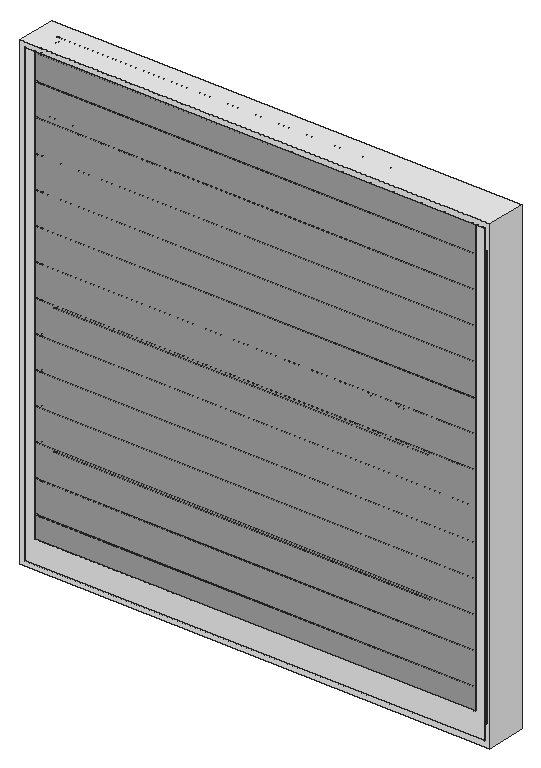
Revit family
Parameters (values of type "Louver_Drnable_EFD-435_All-Lite")
  URL = "http://www.alllite-louvers.com"
  Specifications = "http://www.alllite-louvers.com/catalog/AEFD-435-csi-specification.doc"
  Spacing = 0.292 ft
  SmartBIM Object Version = 3  # constant formula
  SmartBIM Object Created By = "Reed Construction Data"  # constant formula
  Shim Thickness = 0.042 ft
  Screen Width = Width - (2 * Shim Thickness) - 2 * 0.083333 ft  # 3.749333 ft
  Screen Height = Height - (2 * Shim Thickness) - 2 * 0.098958 ft  # 3.718083 ft
  Screen = Aluminum
  Rough Width = 0.0 ft
  Rough Height = 0.0 ft
  Product URL = "http://www.alllite-louvers.com/catalog.php?model=EFD-435"
  Pressure Loss (in.wg.) = "0.12"  # constant formula
  OmniClass Title = "Exterior Louvers and Grilles"  # constant formula
  OmniClass Code = "23-60 11 17"  # constant formula
  Model Number = "EFD-435"  # constant formula
  Model = ""
  Minimum Size = "4.5\" x  6.5\""
  Maximum Size - Single Section = "60\" x 120\" or 120\" x 60\""
  Maximum Size - Multiple Section = "Unlimited"
  Manufacturer = "All-Lite"  # constant formula
  Louver Width = Width - (2 * Shim Thickness) - 2 * 0.072917 ft  # 3.770167 ft
  Louver = Mill finish, 6063-T5 Extruded Aluminum
  Installation = "http://www.alllite-louvers.com/catalog/Installation.pdf"
  Height = 4.0 ft
  Free Area for 48”x48” Louver = "58.1%"
  Free Area Velocity (fpm) = "966"  # constant formula
  Free Area (ft²) for 48"x48" Louver = 9.3 ft
  Frame = Mill finish, 6063-T5 Extruded Aluminum
  Default Sill Height = 3.0 ft
  Wall Closure = (empty or 0)
  Width = 4.0 ft
  Cut Sheet = "http://www.alllite-louvers.com/catalog/AEFD435.pdf "
  Assembly Code = "B2010300"
  Air Volume Delivered (cfm) = "8,984"  # constant formula
  95 CSI = "10200 "  # constant formula
  04 CSI = "08 91 00"  # constant formula
  # of Louvers = (Height - 0.25 ft) / (Spacing)  # 13
Reference planes (ft)
  plane 1 "Center (Front/Back)": y = 0
  plane 2: z = 0.291667
  plane 3 "Center (Left/Right)": x = 0
  plane 4 "Left": x = -2
  plane 5 "Right": x = 2
  plane 6 "Sill": z = 3.291667
  plane 7 "Top": z = 7.291667
  plane 8: x = -1.958
  plane 9: x = 1.958
  plane 10: z = 7.249667
  plane 11: z = 3.333667
  plane 12: z = 5.291667
  plane 13: z = 3.417
  plane 14: z = 3.458667
  plane 15: z = 7.166333
  plane 16: z = 7.124667
  plane 17: z = 7.062167
Forms (ft)
  Sweep 1, solid, material "Mill finish, 6063-T5 Extruded Aluminum" <- "Frame"
    path origin (-5, 0.333333, 0) x (-1, 0, 0) y (0, 0, 1)
      loop
        line (-6.885083, 7.249667) -> (-3.114917, 7.249667)
    profile "Head Horizontal Mullion : Head Horizontal Mullion" origin (0, 0.333333, 7.249667) x (0, 0, 1) y (0, 1, 0)
      loop
        arc (-0.010125, -0.00675) -> (-0.007739, -0.007739) -> (-0.00675, -0.010125) r 0.003375
        line (-0.00675, -0.010125) -> (-0.00675, -0.064875)
        arc (-0.00675, -0.064875) -> (-0.007739, -0.067261) -> (-0.010125, -0.06825) r 0.003375
        line (-0.010125, -0.06825) -> (-0.027583, -0.06825) -> (-0.027583, -0.075) -> (-0.299481, -0.075) -> (-0.299481, -0.00675) -> (-0.222898, -0.00675) -> (-0.222898, 0) -> (-0.306231, 0) -> (-0.306231, -0.08175) -> (-0.198361, -0.08175)
        arc (-0.198361, -0.08175) -> (-0.195975, -0.082739) -> (-0.194986, -0.085125) r 0.003375
        line (-0.194986, -0.085125) -> (-0.194986, -0.097504)
        arc (-0.194986, -0.097504) -> (-0.195545, -0.099365) -> (-0.197037, -0.100609) r 0.003375
        arc (-0.197037, -0.100609) -> (-0.205217, -0.110837) -> (-0.201201, -0.123303) r 0.013833
        arc (-0.201201, -0.123303) -> (-0.197539, -0.123976) -> (-0.195486, -0.120871) r 0.003375
        arc (-0.195486, -0.120871) -> (-0.195756, -0.119549) -> (-0.196522, -0.118438) r 0.003375
        arc (-0.196522, -0.118438) -> (-0.191611, -0.10625) -> (-0.186701, -0.118438) r 0.007083
        arc (-0.186701, -0.118438) -> (-0.187467, -0.119549) -> (-0.187736, -0.120871) r 0.003375
        arc (-0.187736, -0.120871) -> (-0.185683, -0.123976) -> (-0.182022, -0.123303) r 0.003375
        arc (-0.182022, -0.123303) -> (-0.178005, -0.110837) -> (-0.186185, -0.100609) r 0.013833
        arc (-0.186185, -0.100609) -> (-0.187677, -0.099365) -> (-0.188236, -0.097504) r 0.003375
        line (-0.188236, -0.097504) -> (-0.188236, -0.085125)
        arc (-0.188236, -0.085125) -> (-0.187248, -0.082739) -> (-0.184861, -0.08175) r 0.003375
        line (-0.184861, -0.08175) -> (-0.06925, -0.08175) -> (-0.06925, -0.0885) -> (-0.046442, -0.0885)
        arc (-0.046442, -0.0885) -> (-0.044055, -0.089489) -> (-0.043067, -0.091875) r 0.003375
        line (-0.043067, -0.091875) -> (-0.043067, -0.097504)
        arc (-0.043067, -0.097504) -> (-0.043626, -0.099365) -> (-0.045118, -0.100609) r 0.003375
        arc (-0.045118, -0.100609) -> (-0.053298, -0.110837) -> (-0.049281, -0.123303) r 0.013833
        arc (-0.049281, -0.123303) -> (-0.04562, -0.123976) -> (-0.043567, -0.120871) r 0.003375
        arc (-0.043567, -0.120871) -> (-0.043836, -0.119549) -> (-0.044602, -0.118438) r 0.003375
        arc (-0.044602, -0.118438) -> (-0.039692, -0.10625) -> (-0.034781, -0.118438) r 0.007083
        arc (-0.034781, -0.118438) -> (-0.035547, -0.119549) -> (-0.035817, -0.120871) r 0.003375
        arc (-0.035817, -0.120871) -> (-0.033763, -0.123976) -> (-0.030102, -0.123303) r 0.003375
        arc (-0.030102, -0.123303) -> (-0.026085, -0.110837) -> (-0.034266, -0.100609) r 0.013833
        arc (-0.034266, -0.100609) -> (-0.035758, -0.099365) -> (-0.036317, -0.097504) r 0.003375
        line (-0.036317, -0.097504) -> (-0.036317, -0.091875)
        arc (-0.036317, -0.091875) -> (-0.035328, -0.089489) -> (-0.032942, -0.0885) r 0.003375
        line (-0.032942, -0.0885) -> (-0.010125, -0.0885)
        arc (-0.010125, -0.0885) -> (-0.007739, -0.089489) -> (-0.00675, -0.091875) r 0.003375
        line (-0.00675, -0.091875) -> (-0.00675, -0.2678)
        arc (-0.00675, -0.2678) -> (-0.007739, -0.270187) -> (-0.010125, -0.271175) r 0.003375
        line (-0.010125, -0.271175) -> (-0.023858, -0.271175)
        arc (-0.023858, -0.271175) -> (-0.025719, -0.270616) -> (-0.026963, -0.269124) r 0.003375
        arc (-0.026963, -0.269124) -> (-0.037191, -0.260944) -> (-0.049657, -0.26496) r 0.013833
        arc (-0.049657, -0.26496) -> (-0.05033, -0.268622) -> (-0.047225, -0.270675) r 0.003375
        arc (-0.047225, -0.270675) -> (-0.045903, -0.270406) -> (-0.044793, -0.26964) r 0.003375
        arc (-0.044793, -0.26964) -> (-0.032604, -0.27455) -> (-0.044793, -0.27946) r 0.007083
        arc (-0.044793, -0.27946) -> (-0.045903, -0.278695) -> (-0.047225, -0.278425) r 0.003375
        arc (-0.047225, -0.278425) -> (-0.05033, -0.280478) -> (-0.049657, -0.28414) r 0.003375
        arc (-0.049657, -0.28414) -> (-0.037191, -0.288156) -> (-0.026963, -0.279976) r 0.013833
        arc (-0.026963, -0.279976) -> (-0.025719, -0.278484) -> (-0.023858, -0.277925) r 0.003375
        line (-0.023858, -0.277925) -> (-0.010125, -0.277925)
        arc (-0.010125, -0.277925) -> (-0.007739, -0.278914) -> (-0.00675, -0.2813) r 0.003375
        line (-0.00675, -0.2813) -> (-0.00675, -0.315708)
        arc (-0.00675, -0.315708) -> (-0.007739, -0.318095) -> (-0.010125, -0.319083) r 0.003375
        line (-0.010125, -0.319083) -> (-0.0625, -0.319083) -> (-0.0625, -0.325833) -> (0, -0.325833) -> (0, 0) -> (-0.080537, 0)
        arc (-0.080537, 0) -> (-0.083121, -0.000514) -> (-0.08531, -0.001977) r 0.00675
        line (-0.08531, -0.001977) -> (-0.142259, -0.058926) -> (-0.137486, -0.063699) -> (-0.081526, -0.007739)
        arc (-0.081526, -0.007739) -> (-0.080431, -0.007007) -> (-0.079139, -0.00675) r 0.003375
        line (-0.079139, -0.00675) -> (-0.010125, -0.00675)
  Sweep 2, solid, material "Mill finish, 6063-T5 Extruded Aluminum" <- "Frame"
    path origin (-5, 0.333333, 0) x (-1, 0, 0) y (0, 0, 1)
      loop
        line (-6.958, 3.333667) -> (-3.042, 3.333667)
    profile "Horizontal Mullion : Horizontal Mullion" origin (0, 0.333333, 3.333667) x (0, 0, 1) y (0, 1, 0)
      loop
        line (0.076583, -0.00675) -> (0.076583, -0.326583) -> (0.00675, -0.326583) -> (0.00675, -0.291667) -> (0, -0.291667) -> (0, -0.333333) -> (0.197917, -0.333333) -> (0.197917, -0.326583) -> (0.083333, -0.326583) -> (0.083333, 0) -> (0, 0) -> (0, -0.041667) -> (0.00675, -0.041667) -> (0.00675, -0.00675) -> (0.076583, -0.00675)
  Sweep 3, solid, material "Mill finish, 6063-T5 Extruded Aluminum" <- "Frame"
    path origin (-5, 0.333333, 0) x (-1, 0, 0) y (0, 0, 1)
      loop
        line (-6.958, 3.417) -> (-6.958, 7.249667)
    profile "Vertical Mullion : Vertical Mullion" origin (1.958, 0.333333, 5.333333) x (1, 0, 0) y (0, 1, 0)
      loop
        arc (-0.053884, -0.109773) -> (-0.049763, -0.109932) -> (-0.049603, -0.105811) r 0.002917
        arc (-0.049603, -0.105811) -> (-0.05391, -0.102748) -> (-0.059083, -0.101667) r 0.012917
        arc (-0.059083, -0.101667) -> (-0.061499, -0.100666) -> (-0.0625, -0.09825) r 0.003417
        line (-0.0625, -0.09825) -> (-0.0625, -0.010417) -> (-0.010417, -0.010417) -> (-0.010417, -0.027583) -> (0, -0.027583) -> (0, 0) -> (-0.072917, 0) -> (-0.072917, -0.251583) -> (-0.057038, -0.251583)
        arc (-0.057038, -0.251583) -> (-0.054036, -0.252585) -> (-0.052237, -0.255188) r 0.005
        arc (-0.052237, -0.255188) -> (-0.039833, -0.2645) -> (-0.02743, -0.255188) r 0.012917
        arc (-0.02743, -0.255188) -> (-0.02563, -0.252585) -> (-0.022628, -0.251583) r 0.005
        line (-0.022628, -0.251583) -> (-0.010417, -0.251583) -> (-0.010417, -0.322917) -> (-0.066167, -0.322917) -> (-0.066167, -0.310958) -> (-0.072917, -0.310958) -> (-0.072917, -0.326583) -> (-0.083333, -0.326583) -> (-0.083333, -0.333333) -> (0, -0.333333) -> (0, -0.241167) -> (-0.032007, -0.241167)
        arc (-0.032007, -0.241167) -> (-0.035126, -0.243188) -> (-0.034554, -0.246861) r 0.003417
        arc (-0.034554, -0.246861) -> (-0.039833, -0.258667) -> (-0.045113, -0.246861) r 0.007083
        arc (-0.045113, -0.246861) -> (-0.044541, -0.243188) -> (-0.04766, -0.241167) r 0.003417
        line (-0.04766, -0.241167) -> (-0.0625, -0.241167) -> (-0.0625, -0.130917)
        arc (-0.0625, -0.130917) -> (-0.061499, -0.128501) -> (-0.059083, -0.1275) r 0.003417
        arc (-0.059083, -0.1275) -> (-0.05391, -0.126419) -> (-0.049603, -0.123356) r 0.012917
        arc (-0.049603, -0.123356) -> (-0.049763, -0.119234) -> (-0.053884, -0.119394) r 0.002917
        arc (-0.053884, -0.119394) -> (-0.066167, -0.114583) -> (-0.053884, -0.109773) r 0.007083
  Sweep 4, solid, material "Mill finish, 6063-T5 Extruded Aluminum" <- "Frame"
    path origin (5, 0.333333, 0) x (1, 0, 0) y (0, 0, -1)
      loop
        line (-6.958, -3.417) -> (-6.958, -7.249667)
    profile "Vertical Mullion : Vertical Mullion" origin (-1.958, 0.333333, 5.333333) x (1, 0, 0) y (0, 1, 0)
      loop
        arc (0.053884, -0.109773) -> (0.066167, -0.114583) -> (0.053884, -0.119394) r 0.007083
        arc (0.053884, -0.119394) -> (0.049763, -0.119234) -> (0.049603, -0.123356) r 0.002917
        arc (0.049603, -0.123356) -> (0.05391, -0.126419) -> (0.059083, -0.1275) r 0.012917
        arc (0.059083, -0.1275) -> (0.061499, -0.128501) -> (0.0625, -0.130917) r 0.003417
        line (0.0625, -0.130917) -> (0.0625, -0.241167) -> (0.04766, -0.241167)
        arc (0.04766, -0.241167) -> (0.044541, -0.243188) -> (0.045113, -0.246861) r 0.003417
        arc (0.045113, -0.246861) -> (0.039833, -0.258667) -> (0.034554, -0.246861) r 0.007083
        arc (0.034554, -0.246861) -> (0.035126, -0.243188) -> (0.032007, -0.241167) r 0.003417
        line (0.032007, -0.241167) -> (0, -0.241167) -> (0, -0.333333) -> (0.083333, -0.333333) -> (0.083333, -0.326583) -> (0.072917, -0.326583) -> (0.072917, -0.310958) -> (0.066167, -0.310958) -> (0.066167, -0.322917) -> (0.010417, -0.322917) -> (0.010417, -0.251583) -> (0.022628, -0.251583)
        arc (0.022628, -0.251583) -> (0.02563, -0.252585) -> (0.02743, -0.255188) r 0.005
        arc (0.02743, -0.255188) -> (0.039833, -0.2645) -> (0.052237, -0.255188) r 0.012917
        arc (0.052237, -0.255188) -> (0.054036, -0.252585) -> (0.057038, -0.251583) r 0.005
        line (0.057038, -0.251583) -> (0.072917, -0.251583) -> (0.072917, 0) -> (0, 0) -> (0, -0.027583) -> (0.010417, -0.027583) -> (0.010417, -0.010417) -> (0.0625, -0.010417) -> (0.0625, -0.09825)
        arc (0.0625, -0.09825) -> (0.061499, -0.100666) -> (0.059083, -0.101667) r 0.003417
        arc (0.059083, -0.101667) -> (0.05391, -0.102748) -> (0.049603, -0.105811) r 0.012917
        arc (0.049603, -0.105811) -> (0.049763, -0.109932) -> (0.053884, -0.109773) r 0.002917
  Sweep 5, solid, material "Mill finish, 6063-T5 Extruded Aluminum" <- "Frame"
    path origin (-5, 0.333333, 0) x (-1, 0, 0) y (0, 0, 1)
      loop
        line (-3, 7.291667) -> (-7, 7.291667) -> (-7, 3.291667) -> (-3, 3.291667) -> (-3, 7.291667)
    profile origin (-2, 0.333333, 5.291667) x (0, 1, 0) y (-1, 0, 0)
      loop
        line (0, 0) -> (-0.333333, 0) -> (-0.333333, -0.042) -> (0, -0.042) -> (0, 0)
  Extrusion 6, solid, material "Aluminum" <- "Screen"
    sketch origin (1.885083, 0.0075, 7.249667) x (-1, 0, 0) y (0, 0, -1)
      loop
        line (3.75975, 0) -> (3.75975, 3.718083) -> (0.010417, 3.718083) -> (0.010417, 0) -> (3.75975, 0)
    from 0.00075 to 0.0075
Cuts and joins
  joined: Sweep 2, Sweep 3, Sweep 4
Lines and regions (ft)
  Opening 1
    outline origin (-5, -0.333333, 0) x (1, 0, 0) y (0, 0, 1)
      loop
        line (3, 7.291667) -> (3, 3.291667) -> (7, 3.291667) -> (7, 7.291667) -> (3, 7.291667)
  Masking region 1, detail levels coarse+medium
    outline origin (0, 0, 0) x (1, 0, 0) y (0, 1, 0)
      loop
        line (-2, 0) -> (-1.885083, 0) -> (-1.885083, 0.333333) -> (-2, 0.333333) -> (-2, 0)
  Masking region 2, detail levels fine
    outline origin (0, 0, 0) x (1, 0, 0) y (0, 1, 0)
      loop
        arc (-1.905763, 0.078145) -> (-1.903964, 0.080749) -> (-1.900962, 0.08175) r 0.005
        line (-1.900962, 0.08175) -> (-1.885083, 0.08175) -> (-1.885083, 0.333333) -> (-1.958, 0.333333) -> (-1.958, 0.30575) -> (-1.947583, 0.30575) -> (-1.947583, 0.322917) -> (-1.8955, 0.322917) -> (-1.8955, 0.235083)
        arc (-1.8955, 0.235083) -> (-1.896501, 0.232667) -> (-1.898917, 0.231667) r 0.003417
        arc (-1.898917, 0.231667) -> (-1.90409, 0.230585) -> (-1.908397, 0.227523) r 0.012917
        arc (-1.908397, 0.227523) -> (-1.908237, 0.223401) -> (-1.904116, 0.223561) r 0.002917
        arc (-1.904116, 0.223561) -> (-1.891833, 0.21875) -> (-1.904116, 0.213939) r 0.007083
        arc (-1.904116, 0.213939) -> (-1.908237, 0.214099) -> (-1.908397, 0.209977) r 0.002917
        arc (-1.908397, 0.209977) -> (-1.90409, 0.206915) -> (-1.898917, 0.205833) r 0.012917
        arc (-1.898917, 0.205833) -> (-1.896501, 0.204833) -> (-1.8955, 0.202417) r 0.003417
        line (-1.8955, 0.202417) -> (-1.8955, 0.092167) -> (-1.91034, 0.092167)
        arc (-1.91034, 0.092167) -> (-1.913459, 0.090145) -> (-1.912887, 0.086472) r 0.003417
        arc (-1.912887, 0.086472) -> (-1.918167, 0.074667) -> (-1.923446, 0.086472) r 0.007083
        arc (-1.923446, 0.086472) -> (-1.922874, 0.090145) -> (-1.925993, 0.092167) r 0.003417
        line (-1.925993, 0.092167) -> (-1.958, 0.092167) -> (-1.958, 0) -> (-1.874667, 0) -> (-1.874667, 0.00675) -> (-1.885083, 0.00675) -> (-1.885083, 0.022375) -> (-1.891833, 0.022375) -> (-1.891833, 0.010417) -> (-1.947583, 0.010417) -> (-1.947583, 0.08175) -> (-1.935372, 0.08175)
        arc (-1.935372, 0.08175) -> (-1.93237, 0.080749) -> (-1.93057, 0.078145) r 0.005
        arc (-1.93057, 0.078145) -> (-1.918167, 0.068833) -> (-1.905763, 0.078145) r 0.012917
  Masking region 3, detail levels coarse+medium
    outline origin (0, 0, 0) x (1, 0, 0) y (0, 1, 0)
      loop
        line (1.885083, 0) -> (2, 0) -> (2, 0.333333) -> (1.885083, 0.333333) -> (1.885083, 0)
  Masking region 4, detail levels fine
    outline origin (0, 0, 0) x (1, 0, 0) y (0, 1, 0)
      loop
        line (1.8955, 0.235083) -> (1.8955, 0.322917) -> (1.947583, 0.322917) -> (1.947583, 0.30575) -> (1.958, 0.30575) -> (1.958, 0.333333) -> (1.885083, 0.333333) -> (1.885083, 0.08175) -> (1.900962, 0.08175)
        arc (1.900962, 0.08175) -> (1.903964, 0.080749) -> (1.905763, 0.078145) r 0.005
        arc (1.905763, 0.078145) -> (1.918167, 0.068833) -> (1.93057, 0.078145) r 0.012917
        arc (1.93057, 0.078145) -> (1.93237, 0.080749) -> (1.935372, 0.08175) r 0.005
        line (1.935372, 0.08175) -> (1.947583, 0.08175) -> (1.947583, 0.010417) -> (1.891833, 0.010417) -> (1.891833, 0.022375) -> (1.885083, 0.022375) -> (1.885083, 0.00675) -> (1.874667, 0.00675) -> (1.874667, 0) -> (1.958, 0) -> (1.958, 0.092167) -> (1.925993, 0.092167)
        arc (1.925993, 0.092167) -> (1.922874, 0.090145) -> (1.923446, 0.086472) r 0.003417
        arc (1.923446, 0.086472) -> (1.918167, 0.074667) -> (1.912887, 0.086472) r 0.007083
        arc (1.912887, 0.086472) -> (1.913459, 0.090145) -> (1.91034, 0.092167) r 0.003417
        line (1.91034, 0.092167) -> (1.8955, 0.092167) -> (1.8955, 0.202417)
        arc (1.8955, 0.202417) -> (1.896501, 0.204833) -> (1.898917, 0.205833) r 0.003417
        arc (1.898917, 0.205833) -> (1.90409, 0.206915) -> (1.908397, 0.209977) r 0.012917
        arc (1.908397, 0.209977) -> (1.908237, 0.214099) -> (1.904116, 0.213939) r 0.002917
        arc (1.904116, 0.213939) -> (1.891833, 0.21875) -> (1.904116, 0.223561) r 0.007083
        arc (1.904116, 0.223561) -> (1.908237, 0.223401) -> (1.908397, 0.227523) r 0.002917
        arc (1.908397, 0.227523) -> (1.90409, 0.230585) -> (1.898917, 0.231667) r 0.012917
        arc (1.898917, 0.231667) -> (1.896501, 0.232667) -> (1.8955, 0.235083) r 0.003417
Text (ft)
  text "EXTERIOR" at (-4.890733, 4.242245, 0), in view "Ref. Level"
  text "INTERIOR" at (-4.890733, -3.147199, 0), in view "Ref. Level"
  text "Exterior" at (0, 3.638026, 10.266337), in view "Left"
  text "Exterior" at (0, 1.524487, 10.420622), in view "Right"
Dimensions and locks (ft)
  equal spacing: plane 4 "Left", plane 3 "Center (Left/Right)", plane 5 "Right"
  "Width": plane 4 "Left" to plane 5 "Right"
  "Height": plane 6 "Sill" to plane 7 "Top"
  "Default Sill Height": plane 2 to plane 6 "Sill"
  "Shim Thickness": plane 4 "Left" to plane 8
  "Shim Thickness": plane 9 to plane 5 "Right"
  "Shim Thickness": plane 10 to plane 7 "Top"
  "Shim Thickness": plane 6 "Sill" to plane 11
  equal spacing: plane 11, plane 12, plane 10
  locked: plane 13 to plane 11 at 0.083333
  locked: plane 14 to plane 13 at 0.041667
  locked: plane 10 to plane 15 at 0.083333
  locked: plane 15 to plane 16 at 0.041667
  locked: plane 10 to plane 17 at 0.1875
  equal spacing: group 1, group 3, group 4, group 5, group 6, group 7, group 8, group 9, group 10, group 11, group 12, group 13, group 2  (x3)
  aligned and locked: plane 7 "Top" to Opening 1 sketch curve
  aligned and locked: plane 6 "Sill" to Opening 1 sketch curve  (x2)
  aligned and locked: plane 5 "Right" to Opening 1 sketch curve
  aligned and locked: plane 4 "Left" to Opening 1 sketch curve
  aligned and locked: plane 10 to Sweep 1 sketch curve
  aligned and locked: Sweep 2 sketch curve to plane 11
  aligned and locked: plane 9 to Sweep 2 sketch curve
  aligned and locked: plane 8 to Sweep 2 sketch curve
  aligned and locked: plane 9 to Sweep 3 sketch curve
  aligned and locked: Sweep 4 sketch curve to plane 8
  aligned and locked: Sweep 5 sketch curve to plane 4 "Left"
  aligned and locked: Sweep 5 sketch curve to plane 7 "Top"
  aligned and locked: Sweep 5 sketch curve to plane 6 "Sill"
  aligned and locked: Sweep 5 sketch curve to plane 5 "Right"
  aligned and locked: Sweep 5 sketch curve to host wall  (x2)
  aligned and locked: plane 8 to Sweep 5 sketch curve
  aligned and locked: cut or joined group of Sweep 2, Sweep 3, Sweep 4 to Sweep 1 sketch curve
  aligned and locked: plane 13 to nested 1
  aligned and locked: nested 1 to Sweep 1
  aligned and locked: plane 3 "Center (Left/Right)" to nested 1
  aligned and locked: plane 10 to Sweep 4 sketch curve
  aligned and locked: plane 17 to nested 2
  aligned and locked: nested 2 to host wall
  aligned and locked: plane 3 "Center (Left/Right)" to nested 2
  aligned and locked: profile plane to host wall
  aligned and locked: Sweep 5 sketch curve to cut or joined group of Sweep 2, Sweep 3, Sweep 4
  aligned and locked: Extrusion 6 sketch curve to cut or joined group of Sweep 2, Sweep 3, Sweep 4  (x2)
  aligned and locked: cut or joined group of Sweep 2, Sweep 3, Sweep 4 to Extrusion 6 sketch curve
  aligned and locked: Extrusion 6 sketch curve to plane 10
  aligned and locked: Extrusion 6 to cut or joined group of Sweep 2, Sweep 3, Sweep 4
  aligned and locked: Sweep 5 to Extrusion 6
  aligned and locked: Masking region 1 sketch curve to plane 4 "Left"
  aligned and locked: Sweep 5 to Masking region 1 sketch curve
  aligned and locked: Masking region 1 sketch curve to nested 3
  aligned and locked: Masking region 2 sketch curve to cut or joined group of Sweep 2, Sweep 3, Sweep 4  (x23)
  aligned and locked: Masking region 2 sketch curve to Extrusion 6
  aligned and locked: cut or joined group of Sweep 2, Sweep 3, Sweep 4 to Masking region 2 sketch curve
  aligned and locked: nested 3 to Masking region 2 sketch curve  (x2)
  aligned and locked: Masking region 2 sketch curve to plane 8  (x2)
  aligned and locked: Sweep 5 to Masking region 2 sketch curve  (x2)
  aligned and locked: Masking region 3 sketch curve to plane 5 "Right"
  aligned and locked: Masking region 3 sketch curve to Sweep 5
  aligned and locked: Masking region 3 sketch curve to nested 3
  aligned and locked: Masking region 4 sketch curve to cut or joined group of Sweep 2, Sweep 3, Sweep 4  (x23)
  aligned and locked: plane 9 to Masking region 4 sketch curve  (x2)
  aligned and locked: Sweep 5 to Masking region 4 sketch curve  (x2)
  aligned and locked: nested 3 to Masking region 4 sketch curve  (x2)
  aligned and locked: Masking region 4 sketch curve to Extrusion 6
  aligned and locked: cut or joined group of Sweep 2, Sweep 3, Sweep 4 to Masking region 4 sketch curve
  aligned and locked: Sweep 5 to Masking region 3 sketch curve
  aligned and locked: Masking region 1 sketch curve to Sweep 5
Automatic sketch dimensions
  Sweep 3 sketch curve to plane 13 = 0.0 ft
  Sweep 3 sketch curve to plane 10 = 0.0 ft
  plane 8 to Sweep 1 sketch curve = 0.072917 ft
  Sweep 4 sketch curve to plane 13 = 0.0 ft
Nested families (ft)
  nested 1: "Louver Single" at (0, 0.252604, 3.417), type "Louver"
    with Louver Length 3.770167 ft
  nested 2: "Louver Single" at (0, 0.252604, 6.71848), type "Louver"
    with Louver Length 3.770167 ft
  nested 3: "Louver Single" at (0, 0.252604, 3.692123), type "Louver"
    with Louver Length 3.770167 ft
  nested 4: "Louver Single" at (0, 0.252604, 3.967247), type "Louver"
    with Louver Length 3.770167 ft
  nested 5: "Louver Single" at (0, 0.252604, 4.24237), type "Louver"
    with Louver Length 3.770167 ft
  nested 6: "Louver Single" at (0, 0.252604, 4.517493), type "Louver"
    with Louver Length 3.770167 ft
  nested 7: "Louver Single" at (0, 0.252604, 4.792616), type "Louver"
    with Louver Length 3.770167 ft
  nested 8: "Louver Single" at (0, 0.252604, 5.06774), type "Louver"
    with Louver Length 3.770167 ft
  nested 9: "Louver Single" at (0, 0.252604, 5.342863), type "Louver"
    with Louver Length 3.770167 ft
  nested 10: "Louver Single" at (0, 0.252604, 5.617986), type "Louver"
    with Louver Length 3.770167 ft
  nested 11: "Louver Single" at (0, 0.252604, 5.89311), type "Louver"
    with Louver Length 3.770167 ft
  nested 12: "Louver Single" at (0, 0.252604, 6.168233), type "Louver"
    with Louver Length 3.770167 ft
  nested 13: "Louver Single" at (0, 0.252604, 6.443356), type "Louver"
    with Louver Length 3.770167 ft
Connectors (ft)
  hvac at (0, 0, 5.390625), driven by "Screen Height", driven by "Screen Width"
    settings: on Extrusion 6, index 1
Definition of nested family "Louver Single"
  Parameters (values of type "Louver")
    Louver Length = 3.0625 ft
    Depth = 0.333333 ft
    Louver Single = yes
    Louver = All-Lite - El Cajon Silver
    Assembly Code = ""
  Reference planes (ft)
    plane 1 "Center (Front/Back)": y = -0.085938
    plane 2: z = 0
    plane 3 "Center (Left/Right)": x = 0
    plane 4: x = -1.53125
    plane 5: x = 1.53125
    plane 6: z = 0.388021
    plane 7: z = 0.19401
    plane 8: y = 0.080729
    plane 9: y = -0.252604
    plane 10: z = 0.041667
    plane 11: z = 0.343687
  Forms (ft)
    Extrusion 1, solid, material "All-Lite - El Cajon Silver" <- "Louver"
      sketch origin (0, 0.00675, -0.014763) x (0, 1, 0) y (0, 0, 1)
        loop
          arc (-0.037266, 0.139104) -> (-0.039761, 0.135819) -> (-0.036477, 0.133324) r 0.002917
          arc (-0.036477, 0.133324) -> (-0.030642, 0.135665) -> (-0.026604, 0.140483) r 0.012917
          arc (-0.026604, 0.140483) -> (-0.023903, 0.142697) -> (-0.020465, 0.142077) r 0.004167
          line (-0.020465, 0.142077) -> (-0.010676, 0.135222)
          arc (-0.010676, 0.135222) -> (-0.009386, 0.133056) -> (-0.008938, 0.130574) r 0.007083
          line (-0.008938, 0.130574) -> (-0.008883, 0.118964)
          arc (-0.008883, 0.118964) -> (-0.00651, 0.111163) -> (-0.001051, 0.105107) r 0.01875
          line (-0.001051, 0.105107) -> (0.063993, 0.058818)
          arc (0.063993, 0.058818) -> (0.070359, 0.057517) -> (0.073979, 0.062914) r 0.005833
          line (0.073979, 0.062914) -> (0.073979, 0.136872)
          arc (0.073979, 0.136872) -> (0.066586, 0.1416) -> (0.065396, 0.132906) r 0.005208
          arc (0.065396, 0.132906) -> (0.066749, 0.131124) -> (0.067229, 0.128939) r 0.005208
          line (0.067229, 0.128939) -> (0.067229, 0.072879)
          arc (0.067229, 0.072879) -> (0.064972, 0.069176) -> (0.060647, 0.069484) r 0.004167
          line (0.060647, 0.069484) -> (0.002862, 0.110607)
          arc (0.002862, 0.110607) -> (-0.000851, 0.114886) -> (-0.002188, 0.120391) r 0.012003
          line (-0.002188, 0.120391) -> (-0.002188, 0.130574)
          arc (-0.002188, 0.130574) -> (-0.00324, 0.135868) -> (-0.006239, 0.140356) r 0.013833
          line (-0.006239, 0.140356) -> (-0.167094, 0.252988)
          arc (-0.167094, 0.252988) -> (-0.168794, 0.255602) -> (-0.168203, 0.258664) r 0.004167
          arc (-0.168203, 0.258664) -> (-0.166572, 0.270166) -> (-0.174282, 0.278855) r 0.013833
          line (-0.174282, 0.278855) -> (-0.242605, 0.308689)
          arc (-0.242605, 0.308689) -> (-0.244424, 0.310226) -> (-0.245104, 0.312507) r 0.004167
          line (-0.245104, 0.312507) -> (-0.245104, 0.355079)
          arc (-0.245104, 0.355079) -> (-0.248479, 0.358454) -> (-0.251854, 0.355079) r 0.003375
          line (-0.251854, 0.355079) -> (-0.251854, 0.312507)
          arc (-0.251854, 0.312507) -> (-0.250072, 0.306529) -> (-0.245306, 0.302503) r 0.010917
          line (-0.245306, 0.302503) -> (-0.192409, 0.279405)
          arc (-0.192409, 0.279405) -> (-0.190081, 0.276769) -> (-0.190599, 0.273291) r 0.004167
          arc (-0.190599, 0.273291) -> (-0.192514, 0.268553) -> (-0.192442, 0.263443) r 0.012917
          arc (-0.192442, 0.263443) -> (-0.188974, 0.26121) -> (-0.186741, 0.264678) r 0.002917
          arc (-0.186741, 0.264678) -> (-0.175755, 0.27198) -> (-0.178859, 0.259159) r 0.007083
          arc (-0.178859, 0.259159) -> (-0.181305, 0.256931) -> (-0.180096, 0.253851) r 0.002917
          line (-0.180096, 0.253851) -> (-0.0481, 0.161427)
          arc (-0.0481, 0.161427) -> (-0.046342, 0.158409) -> (-0.047498, 0.155113) r 0.004167
          arc (-0.047498, 0.155113) -> (-0.050644, 0.149671) -> (-0.050849, 0.143387) r 0.012917
          arc (-0.050849, 0.143387) -> (-0.047381, 0.141154) -> (-0.045148, 0.144622) r 0.002917
          arc (-0.045148, 0.144622) -> (-0.034162, 0.151924) -> (-0.037266, 0.139104) r 0.007083
      from -1.53125 to 1.53125
  Dimensions and locks (ft)
    equal spacing: plane 4, plane 3 "Center (Left/Right)", plane 5
    "Louver Length": plane 4 to plane 5
    locked: level to plane 6 at 0.388021
    equal spacing: level, plane 7, plane 6
    "Depth": plane 8 to plane 9
    equal spacing: plane 8, plane 1 "Center (Front/Back)", plane 9
    plane 6 to plane 11 = 0.044334 ft
    aligned and locked: Extrusion 1 to plane 4
    aligned and locked: plane 5 to Extrusion 1
  Automatic sketch dimensions
    Extrusion 1 sketch curve to Extrusion 1 sketch curve = 0.0 ft  (x28)
    Extrusion 1 sketch curve to plane 8 = 0.0 ft
    Extrusion 1 sketch curve to Extrusion 1 sketch curve = 0.005208 ft
    Extrusion 1 sketch curve to Extrusion 1 sketch curve = 0.005833 ft
    plane 8 to Extrusion 1 sketch curve = 0.00675 ft
    Extrusion 1 sketch curve to Extrusion 1 sketch curve = 0.001833 ft
    Extrusion 1 sketch curve to plane 10 = 0.002388 ft
    Extrusion 1 sketch curve to Extrusion 1 sketch curve = 0.004153 ft
    Extrusion 1 sketch curve to Extrusion 1 sketch curve = 0.004167 ft  (x2)
    Extrusion 1 sketch curve to Extrusion 1 sketch curve = 0.002416 ft
    Extrusion 1 sketch curve to Extrusion 1 sketch curve = 0.052205 ft
    Extrusion 1 sketch curve to Extrusion 1 sketch curve = 0.000003 ft
    Extrusion 1 sketch curve to Extrusion 1 sketch curve = 0.006951 ft
    Extrusion 1 sketch curve to Extrusion 1 sketch curve = 0.003912 ft
    Extrusion 1 sketch curve to Extrusion 1 sketch curve = 0.005049 ft
    Extrusion 1 sketch curve to Extrusion 1 sketch curve = 0.004052 ft
    Extrusion 1 sketch curve to Extrusion 1 sketch curve = 0.006696 ft
    Extrusion 1 sketch curve to Extrusion 1 sketch curve = 0.00675 ft
    Extrusion 1 sketch curve to Extrusion 1 sketch curve = 0.001738 ft
    Extrusion 1 sketch curve to Extrusion 1 sketch curve = 0.007083 ft
    Extrusion 1 sketch curve to Extrusion 1 sketch curve = 0.00979 ft
    Extrusion 1 sketch curve to Extrusion 1 sketch curve = 0.00239 ft  (x2)
    Extrusion 1 sketch curve to Extrusion 1 sketch curve = 0.003749 ft
    Extrusion 1 sketch curve to Extrusion 1 sketch curve = 0.009873 ft
    Extrusion 1 sketch curve to Extrusion 1 sketch curve = 0.000395 ft  (x2)
    Extrusion 1 sketch curve to Extrusion 1 sketch curve = 0.000959 ft  (x2)
    Extrusion 1 sketch curve to Extrusion 1 sketch curve = 0.006923 ft  (x2)
    Extrusion 1 sketch curve to Extrusion 1 sketch curve = 0.002351 ft
    Extrusion 1 sketch curve to Extrusion 1 sketch curve = 0.002851 ft  (x2)
    Extrusion 1 sketch curve to Extrusion 1 sketch curve = 0.000601 ft
    Extrusion 1 sketch curve to Extrusion 1 sketch curve = 0.002991 ft
    plane 1 "Center (Front/Back)" to Extrusion 1 sketch curve = 0.072017 ft
    plane 7 to Extrusion 1 sketch curve = 0.044214 ft
    Extrusion 1 sketch curve to Extrusion 1 sketch curve = 0.003499 ft
    Extrusion 1 sketch curve to Extrusion 1 sketch curve = 0.006079 ft
    Extrusion 1 sketch curve to Extrusion 1 sketch curve = 0.010262 ft
    plane 7 to Extrusion 1 sketch curve = 0.045078 ft
    Extrusion 1 sketch curve to Extrusion 1 sketch curve = 0.001631 ft
    Extrusion 1 sketch curve to Extrusion 1 sketch curve = 0.001008 ft
    Extrusion 1 sketch curve to Extrusion 1 sketch curve = 0.00181 ft
    Extrusion 1 sketch curve to Extrusion 1 sketch curve = 0.001667 ft  (x2)
    plane 9 to Extrusion 1 sketch curve = 0.018417 ft
    Extrusion 1 sketch curve to Extrusion 1 sketch curve = 0.002701 ft
    Extrusion 1 sketch curve to Extrusion 1 sketch curve = 0.003375 ft
    Extrusion 1 sketch curve to Extrusion 1 sketch curve = 0.00657 ft
    Extrusion 1 sketch curve to plane 10 = 0.048677 ft
    Extrusion 1 sketch curve to Extrusion 1 sketch curve = 0.005501 ft
    Extrusion 1 sketch curve to Extrusion 1 sketch curve = 0.001427 ft
    Extrusion 1 sketch curve to Extrusion 1 sketch curve = 0.008548 ft
    Extrusion 1 sketch curve to Extrusion 1 sketch curve = 0.010184 ft
    Extrusion 1 sketch curve to Extrusion 1 sketch curve = 0.004648 ft
    Extrusion 1 sketch curve to Extrusion 1 sketch curve = 0.00275 ft
    Extrusion 1 sketch curve to Extrusion 1 sketch curve = 0.00289 ft
    Extrusion 1 sketch curve to Extrusion 1 sketch curve = 0.002418 ft
    Extrusion 1 sketch curve to Extrusion 1 sketch curve = 0.023098 ft
    Extrusion 1 sketch curve to Extrusion 1 sketch curve = 0.042572 ft
